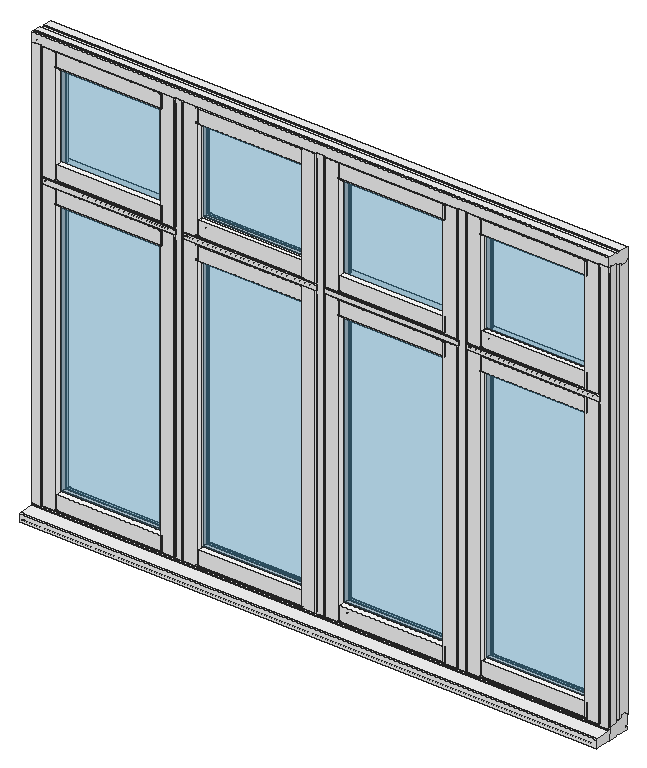
Revit family "C44", category Generic Models, Revit 2012
Parameters (values of type "Window Sill drawing")
  Width = 2358 mm
  Height = 1770 mm
  GlazingPanelMaterial = Glass
  Floor Material = White
Reference planes
  plane 1 "Center (Front/Back)": y = 0
  plane 2: z = 0
  plane 3 "Center (Left/Right)": x = 0
  plane 4: z = 33
  plane 5: x = -1328
  plane 6: x = -149
  plane 7: x = 1030
  plane 8: y = 67
  plane 9: y = -67
  plane 10: z = 1770
  plane 11: z = 117
  plane 12: x = 414
  plane 13: x = 402
  plane 14: z = 60
  plane 15: y = 16.985
  plane 16: z = 1734
  plane 17: z = 1730
  plane 18: x = -1292
  plane 19: x = -1288
  plane 20: x = -132
  plane 21: x = -136
  plane 22: x = -168
  plane 23: x = -164
  plane 24: x = -710
  plane 25: x = -714
  plane 26: z = 1255.81
  plane 27: z = 1251.81
  plane 28: z = 1228.81
  plane 29: z = 1224.81
  plane 30: x = 409.987
  plane 31: x = 994
  plane 32: x = 990
Forms (mm)
  Extrusion 1, solid, not visible
    sketch origin (0, 0, 9.375) x (0, 1, 0) y (0, 0, 1)
      loop
        line (94.662, 311.911) -> (94.314, 312.868) -> (95.314, 312.868) -> (93.454, 317.977) -> (86.115, 317.977) -> (85.011, 317.575) -> (64.143, 317.575) -> (64.143, 311.911) -> (94.662, 311.911)
    from 0 to 250
  Extrusion 2, solid, not visible
    sketch origin (0, 0, 9.375) x (0, 1, 0) y (0, 0, 1)
      loop
        line (93.688, 317.334) -> (85.92, 317.334) -> (87.101, 312.926) -> (95.293, 312.926) -> (93.688, 317.334)
      loop
        line (91.853, 322.376) -> (91.853, 328.194)
        arc (91.853, 328.194) -> (91.424, 329.231) -> (90.388, 329.66) r 1.465
        line (90.388, 329.66) -> (71.853, 329.66) -> (71.853, 322.376) -> (91.853, 322.376)
      loop
        line (73.373, 320.598) -> (64.143, 320.598) -> (64.143, 317.575) -> (73.373, 317.575) -> (73.373, 320.598)
      loop
        line (61.169, 311.884) -> (61.169, 316.884) -> (56.169, 316.884)
        arc (56.169, 316.884) -> (53.926, 317.813) -> (52.996, 320.057) r 3.173
        line (52.996, 320.057) -> (52.996, 327.594)
        arc (52.996, 327.594) -> (53.247, 329.284) -> (54.656, 330.25) r 2.138
        line (54.656, 330.25) -> (56.493, 330.25)
        arc (56.493, 330.25) -> (57.939, 329.727) -> (58.925, 328.548) r 2.95
        line (58.925, 328.548) -> (59.306, 324.922) -> (61.24, 324.922) -> (60.612, 330.901)
        arc (60.612, 330.901) -> (59.723, 332.646) -> (57.894, 333.348) r 2.733
        line (57.894, 333.348) -> (52.423, 333.348)
        arc (52.423, 333.348) -> (50.164, 330.795) -> (49.999, 327.391) r 5.139
        line (49.999, 327.391) -> (47.957, 316.884)
        arc (47.957, 316.884) -> (49.179, 314.507) -> (49.698, 311.884) r 9.583
        line (49.698, 311.884) -> (61.169, 311.884)
    from 0 to 250
  Extrusion 3, solid, not visible
    sketch origin (-848.022, -244.537, 0) x (1, 0, 0) y (0, 1, 0)
      loop
        line (-156.504, 643.402) -> (-146.504, 653.402) -> (-146.504, 655.402) -> (-162.504, 655.402) -> (-162.504, 703.402) -> (-199.504, 703.402)
        arc (-199.504, 703.402) -> (-201.625, 702.524) -> (-202.504, 700.402) r 3
        line (-202.504, 700.402) -> (-202.504, 695.402) -> (-196.504, 695.402) -> (-196.504, 692.402) -> (-202.504, 692.402) -> (-202.504, 679.402) -> (-196.504, 679.402) -> (-196.504, 667.402) -> (-202.504, 667.402) -> (-202.504, 646.402)
        arc (-202.504, 646.402) -> (-201.625, 644.281) -> (-199.504, 643.402) r 3
        line (-199.504, 643.402) -> (-156.504, 643.402)
    from 672 to 1294
  Extrusion 4, solid, not visible
    sketch origin (-848.022, -244.537, 0) x (1, 0, 0) y (0, 1, 0)
      loop
        line (-162.504, 700.402) -> (-162.504, 681.402) -> (-150.504, 681.402) -> (-150.504, 684.402) -> (-146.504, 685.402) -> (-146.504, 689.402) -> (-149.504, 689.402)
        arc (-149.504, 689.402) -> (-151.847, 695.059) -> (-157.504, 697.402) r 8
        line (-157.504, 697.402) -> (-157.504, 700.402) -> (-162.504, 700.402)
    from 672 to 1294
  Extrusion 5, solid, not visible
    sketch origin (-511.418, -643.152, -230) x (1, 0, 0) y (0, 1, 0)
      loop
        line (-200.504, 641.902) -> (-200.504, 638.902) -> (-198.254, 638.902) -> (-198.254, 634.902) -> (-195.818, 634.902) -> (-195.818, 638.902) -> (-193.504, 638.902) -> (-193.504, 641.902) -> (-195.282, 641.902) -> (-195.282, 641.116) -> (-194.482, 641.116) -> (-194.482, 639.814) -> (-199.81, 639.814) -> (-199.81, 641.116) -> (-199.01, 641.116) -> (-199.01, 641.902) -> (-200.504, 641.902)
    from 230 to 852
  Extrusion 6, solid, not visible
    sketch origin (-511.418, -643.152, -140) x (1, 0, 0) y (0, 1, 0)
      loop
        line (-194.482, 639.814) -> (-194.482, 641.116) -> (-199.81, 641.116) -> (-199.81, 639.814) -> (-194.482, 639.814)
    from 140 to 762
  Extrusion 7, solid, not visible
    sketch origin (-511.418, -643.152, 0) x (1, 0, 0) y (0, 1, 0)
      loop
        spline (-199.847, 645.779) -> (-199.478, 645.505) -> (-199.241, 645.183) -> (-199.108, 644.823) -> (-199.048, 644.431) -> (-199.033, 644.016) -> (-199.035, 643.585) -> (-199.023, 643.147) -> (-198.97, 642.709) -> (-198.847, 642.279) -> (-198.624, 641.865) -> (-198.272, 641.475) -> (-197.764, 641.116)
        line (-197.764, 641.116) -> (-196.529, 641.116)
        spline (-196.529, 641.116) -> (-195.991, 641.457) -> (-195.612, 641.839) -> (-195.363, 642.251) -> (-195.215, 642.684) -> (-195.139, 643.129) -> (-195.106, 643.577) -> (-195.086, 644.017) -> (-195.05, 644.441) -> (-194.969, 644.838) -> (-194.814, 645.2) -> (-194.556, 645.517) -> (-194.166, 645.779)
        line (-194.166, 645.779) -> (-199.847, 645.779)
    from 0 to 622
  Extrusion 8, solid, material "White" <- "Floor Material"
    sketch origin (0, -3440.583, 266.929) x (0, 1, 0) y (0, 0, 1)
      loop
        line (3451.083, 1455.128) -> (3435.083, 1455.128)
        arc (3435.083, 1455.128) -> (3433.669, 1454.542) -> (3433.083, 1453.128) r 2
        line (3433.083, 1453.128) -> (3415.083, 1453.128)
        arc (3415.083, 1453.128) -> (3414.498, 1454.542) -> (3413.083, 1455.128) r 2
        line (3413.083, 1455.128) -> (3402.083, 1455.128) -> (3402.083, 1460.128)
        arc (3402.083, 1460.128) -> (3401.205, 1462.249) -> (3399.083, 1463.128) r 3
        line (3399.083, 1463.128) -> (3397.083, 1463.128)
        arc (3397.083, 1463.128) -> (3394.962, 1462.249) -> (3394.083, 1460.128) r 3
        line (3394.083, 1460.128) -> (3394.083, 1405.128) -> (3404.083, 1395.128) -> (3406.083, 1395.128) -> (3406.083, 1411.128) -> (3454.083, 1411.128) -> (3454.083, 1452.128)
        arc (3454.083, 1452.128) -> (3453.205, 1454.249) -> (3451.083, 1455.128) r 3
    from -657.987 to -219.993
  Sweep 9, solid, material "White" <- "Floor Material"
    path origin (16.12, -8, -4.107) x (1, 0, 0) y (0, 0, 1)
      loop
        line (-674, 1682.007) -> (-674, 1316.11) -> (-236.22, 1316.11) -> (-236.22, 1682.007) -> (-674, 1682.007)
    profile origin (-438.99, -8, 1677.9) x (0, 0, 1) y (0, -1, 0)
      loop
        line (-4.893, -19) -> (0.107, -19) -> (0.107, 0) -> (-11.893, 0) -> (-11.893, -3) -> (-15.893, -4) -> (-15.893, -8) -> (-12.893, -8)
        arc (-12.893, -8) -> (-10.55, -13.657) -> (-4.893, -16) r 8
        line (-4.893, -16) -> (-4.893, -19)
  Extrusion 10, solid, material "Glass"
    sketch origin (2388.494, -1584.07, 280) x (1, 0, 0) y (0, 1, 0)
      loop
        line (-3042.481, 1575.085) -> (-3042.481, 1571.085) -> (-2613.487, 1571.085) -> (-2613.487, 1575.085) -> (-3042.481, 1575.085)
      loop
        line (-3042.481, 1555.085) -> (-3042.481, 1551.085) -> (-2613.487, 1551.085) -> (-2613.487, 1555.085) -> (-3042.481, 1555.085)
    from 1035.803 to 1393.007
  Sweep 11, solid
    path origin (16.013, -20.977, 276) x (1, 0, 0) y (0, 0, 1)
      loop
        line (-670, 1398.057) -> (-670, 1039.803) -> (-240.013, 1039.803) -> (-240.013, 1398.057) -> (-670, 1398.057)
    profile origin (-438.993, -20.977, 1674.057) x (0, 0, 1) y (0, -1, 0)
      loop
        line (0, -8) -> (0, 8) -> (-10, 8) -> (-10, -8) -> (0, -8)
  Extrusion 12, solid, material "White" <- "Floor Material"
    sketch origin (0, -3500.599, -3.128) x (0, 1, 0) y (0, 0, 1)
      loop
        line (3457.583, 41.128) -> (3452.583, 41.128) -> (3395.213, 37.105)
        arc (3395.213, 37.105) -> (3393.335, 36.114) -> (3392.583, 34.128) r 3
        line (3392.583, 34.128) -> (3392.583, 3.128) -> (3397.583, 3.128) -> (3397.583, 5.128)
        arc (3397.583, 5.128) -> (3400.583, 8.128) -> (3403.583, 5.128) r 3
        line (3403.583, 5.128) -> (3403.583, 3.128) -> (3452.583, 3.128) -> (3452.583, 26.128) -> (3457.583, 26.128) -> (3457.583, 41.128)
    from -1328 to 1030
  Extrusion 13, solid, material "White" <- "Floor Material"
    sketch origin (0, -3500.599, -3.128) x (0, 1, 0) y (0, 0, 1)
      loop
        line (3546.583, 58.128) -> (3543.583, 58.128)
        arc (3543.583, 58.128) -> (3540.655, 65.199) -> (3533.583, 68.128) r 10
        line (3533.583, 68.128) -> (3533.583, 71.128) -> (3517.583, 71.128) -> (3517.583, 63.128) -> (3523.583, 63.128) -> (3523.583, 60.128) -> (3517.583, 60.128) -> (3517.583, 59.128) -> (3494.583, 56.128) -> (3494.583, 51.128) -> (3454.583, 46.128)
        arc (3454.583, 46.128) -> (3453.169, 45.542) -> (3452.583, 44.128) r 2
        line (3452.583, 44.128) -> (3452.583, 41.128) -> (3457.583, 41.128) -> (3457.583, 26.128) -> (3452.583, 26.128) -> (3452.583, 3.128) -> (3457.583, 3.128) -> (3457.583, 5.128)
        arc (3457.583, 5.128) -> (3460.583, 8.128) -> (3463.583, 5.128) r 3
        line (3463.583, 5.128) -> (3463.583, 3.128) -> (3489.583, 3.128) -> (3489.583, 8.128) -> (3509.583, 8.128) -> (3509.583, 3.128) -> (3546.583, 3.128) -> (3546.583, 13.128) -> (3536.583, 13.128) -> (3536.583, 23.128) -> (3546.583, 23.128) -> (3546.583, 58.128)
    from -1328 to 1030
  Sweep 14, solid, material "White" <- "Floor Material"
    path origin (0, 0, 0) x (1, 0, 0) y (0, 0, 1)
      loop
        line (-1328, 1770) -> (1030, 1770)
    profile origin (-149, 0, 1770) x (0, 0, 1) y (0, -1, 0)
      loop
        line (0, -10) -> (-5, -10) -> (-5, 10) -> (0, 10) -> (0, 36) -> (-2, 36)
        arc (-2, 36) -> (-5, 39) -> (-2, 42) r 3
        line (-2, 42) -> (0, 42) -> (0, 47) -> (-36, 47) -> (-36, 43)
        arc (-36, 43) -> (-34.834, 41.499) -> (-33, 41) r 3
        line (-33, 41) -> (-33, 34.079)
        arc (-33, 34.079) -> (-34.922, 33.441) -> (-36, 31.727) r 3
        line (-36, 31.727) -> (-36, 7) -> (-44, 7) -> (-44, -1) -> (-36, -1) -> (-36, -4) -> (-44, -4) -> (-44, -14) -> (-36, -14) -> (-36, -18) -> (-56, -18) -> (-56, -34) -> (-53, -34)
        arc (-53, -34) -> (-50.071, -41.071) -> (-43, -44) r 10
        line (-43, -44) -> (-43, -47) -> (0, -47) -> (0, -10)
  Extrusion 15, solid, material "White" <- "Floor Material"
    sketch origin (753.141, -3440.699, 1654.007) x (0, 1, 0) y (-1, 0, 0)
      loop
        line (3451.083, 1455.128) -> (3435.083, 1455.128)
        arc (3435.083, 1455.128) -> (3433.669, 1454.542) -> (3433.083, 1453.128) r 2
        line (3433.083, 1453.128) -> (3415.083, 1453.128)
        arc (3415.083, 1453.128) -> (3414.498, 1454.542) -> (3413.083, 1455.128) r 2
        line (3413.083, 1455.128) -> (3402.083, 1455.128) -> (3402.083, 1460.128)
        arc (3402.083, 1460.128) -> (3401.205, 1462.249) -> (3399.083, 1463.128) r 3
        line (3399.083, 1463.128) -> (3397.083, 1463.128)
        arc (3397.083, 1463.128) -> (3394.962, 1462.249) -> (3394.083, 1460.128) r 3
        line (3394.083, 1460.128) -> (3394.083, 1405.128) -> (3404.083, 1395.128) -> (3406.083, 1395.128) -> (3406.083, 1411.128) -> (3454.083, 1411.128) -> (3454.083, 1452.128)
        arc (3454.083, 1452.128) -> (3453.205, 1454.249) -> (3451.083, 1455.128) r 3
    from -398.197 to 76.051
  Extrusion 16, solid, material "White" <- "Floor Material"
    sketch origin (-1521.128, -3440.699, 1654.007) x (0, 1, 0) y (-1, 0, 0)
      loop
        arc (3451.083, -1345.128) -> (3453.205, -1344.249) -> (3454.083, -1342.128) r 3
        line (3454.083, -1342.128) -> (3454.083, -1301.128) -> (3406.083, -1301.128) -> (3406.083, -1285.128) -> (3404.083, -1285.128) -> (3394.083, -1295.128) -> (3394.083, -1350.128)
        arc (3394.083, -1350.128) -> (3394.962, -1352.249) -> (3397.083, -1353.128) r 3
        line (3397.083, -1353.128) -> (3399.083, -1353.128)
        arc (3399.083, -1353.128) -> (3401.205, -1352.249) -> (3402.083, -1350.128) r 3
        line (3402.083, -1350.128) -> (3402.083, -1345.128) -> (3413.083, -1345.128)
        arc (3413.083, -1345.128) -> (3414.498, -1344.542) -> (3415.083, -1343.128) r 2
        line (3415.083, -1343.128) -> (3433.083, -1343.128)
        arc (3433.083, -1343.128) -> (3433.669, -1344.542) -> (3435.083, -1345.128) r 2
        line (3435.083, -1345.128) -> (3451.083, -1345.128)
    from -398.197 to 76.051
  Extrusion 17, solid, material "White" <- "Floor Material"
    sketch origin (-14.349, -3440.583, 2722.931) x (0, 1, 0) y (0, 0, 1)
      loop
        arc (3451.083, -1455.128) -> (3453.205, -1454.249) -> (3454.083, -1452.128) r 3
        line (3454.083, -1452.128) -> (3454.083, -1411.128) -> (3406.083, -1411.128) -> (3406.083, -1395.128) -> (3404.083, -1395.128) -> (3394.083, -1405.128) -> (3394.083, -1464.121)
        arc (3394.083, -1464.121) -> (3394.962, -1466.243) -> (3397.083, -1467.121) r 3
        line (3397.083, -1467.121) -> (3399.083, -1467.121)
        arc (3399.083, -1467.121) -> (3401.205, -1466.243) -> (3402.083, -1464.121) r 3
        line (3402.083, -1464.121) -> (3402.083, -1455.128) -> (3413.083, -1455.128)
        arc (3413.083, -1455.128) -> (3414.498, -1454.542) -> (3415.083, -1453.128) r 2
        line (3415.083, -1453.128) -> (3433.083, -1453.128)
        arc (3433.083, -1453.128) -> (3433.669, -1454.542) -> (3435.083, -1455.128) r 2
        line (3435.083, -1455.128) -> (3451.083, -1455.128)
    from -643.638 to -205.644
  Extrusion 18, solid, material "White" <- "Floor Material"
    sketch origin (-1476.128, -3440.699, 1654.007) x (0, 1, 0) y (-1, 0, 0)
      loop
        line (3397.083, -1312.128) -> (3393.083, -1312.128) -> (3393.083, -1340.128) -> (3397.083, -1340.128)
        arc (3397.083, -1340.128) -> (3398.498, -1339.542) -> (3399.083, -1338.128) r 2
        line (3399.083, -1338.128) -> (3399.083, -1337.128) -> (3406.083, -1337.128) -> (3406.083, -1338.128)
        arc (3406.083, -1338.128) -> (3406.669, -1339.542) -> (3408.083, -1340.128) r 2
        line (3408.083, -1340.128) -> (3433.083, -1340.128) -> (3433.083, -1346.128) -> (3441.083, -1346.128) -> (3441.083, -1340.128) -> (3444.083, -1340.128) -> (3444.083, -1348.128) -> (3454.083, -1348.128) -> (3454.083, -1340.128) -> (3458.083, -1340.128) -> (3458.083, -1360.128) -> (3474.083, -1360.128) -> (3474.083, -1357.128)
        arc (3474.083, -1357.128) -> (3481.155, -1354.199) -> (3484.083, -1347.128) r 10
        line (3484.083, -1347.128) -> (3487.083, -1347.128) -> (3487.083, -1305.128) -> (3484.083, -1305.128)
        arc (3484.083, -1305.128) -> (3481.155, -1298.057) -> (3474.083, -1295.128) r 10
        line (3474.083, -1295.128) -> (3474.083, -1292.128) -> (3458.083, -1292.128) -> (3458.083, -1312.128) -> (3454.083, -1312.128) -> (3454.083, -1304.128) -> (3444.083, -1304.128) -> (3444.083, -1312.128) -> (3441.083, -1312.128) -> (3441.083, -1306.128) -> (3433.083, -1306.128) -> (3433.083, -1312.128) -> (3408.083, -1312.128)
        arc (3408.083, -1312.128) -> (3406.669, -1312.714) -> (3406.083, -1314.128) r 2
        line (3406.083, -1314.128) -> (3406.083, -1315.128) -> (3399.083, -1315.128) -> (3399.083, -1314.128)
        arc (3399.083, -1314.128) -> (3398.498, -1312.714) -> (3397.083, -1312.128) r 2
    from -1606.007 to 79.993
  Extrusion 19, solid, material "White" <- "Floor Material"
    sketch origin (-300, -3440.583, 266.513) x (0, 1, 0) y (0, 0, -1)
      loop
        arc (3451.083, -1455.128) -> (3453.205, -1454.249) -> (3454.083, -1452.128) r 3
        line (3454.083, -1452.128) -> (3454.083, -1411.128) -> (3406.083, -1411.128) -> (3406.083, -1395.128) -> (3404.083, -1395.128) -> (3394.083, -1405.128) -> (3394.083, -1460.128)
        arc (3394.083, -1460.128) -> (3394.962, -1462.249) -> (3397.083, -1463.128) r 3
        line (3397.083, -1463.128) -> (3399.083, -1463.128)
        arc (3399.083, -1463.128) -> (3401.205, -1462.249) -> (3402.083, -1460.128) r 3
        line (3402.083, -1460.128) -> (3402.083, -1455.128) -> (3413.083, -1455.128)
        arc (3413.083, -1455.128) -> (3414.498, -1454.542) -> (3415.083, -1453.128) r 2
        line (3415.083, -1453.128) -> (3433.083, -1453.128)
        arc (3433.083, -1453.128) -> (3433.669, -1454.542) -> (3435.083, -1455.128) r 2
        line (3435.083, -1455.128) -> (3451.083, -1455.128)
    from -657.92 to -220.093
  Extrusion 20, solid, material "White" <- "Floor Material"
    sketch origin (-300, -3440.199, 1515.078) x (0, 1, 0) y (0, 0, -1)
      loop
        line (3451.083, 1455.128) -> (3435.083, 1455.128)
        arc (3435.083, 1455.128) -> (3433.669, 1454.542) -> (3433.083, 1453.128) r 2
        line (3433.083, 1453.128) -> (3415.083, 1453.128)
        arc (3415.083, 1453.128) -> (3414.498, 1454.542) -> (3413.083, 1455.128) r 2
        line (3413.083, 1455.128) -> (3402.083, 1455.128) -> (3402.083, 1464.078)
        arc (3402.083, 1464.078) -> (3401.205, 1466.2) -> (3399.083, 1467.078) r 3
        line (3399.083, 1467.078) -> (3397.083, 1467.078)
        arc (3397.083, 1467.078) -> (3394.962, 1466.2) -> (3394.083, 1464.078) r 3
        line (3394.083, 1464.078) -> (3394.083, 1405.128) -> (3404.083, 1395.128) -> (3406.083, 1395.128) -> (3406.083, 1411.128) -> (3454.083, 1411.128) -> (3454.083, 1452.128)
        arc (3454.083, 1452.128) -> (3453.205, 1454.249) -> (3451.083, 1455.128) r 3
    from -657.92 to -220.093
  Extrusion 21, solid, material "White" <- "Floor Material"
    sketch origin (0, -3440.583, 1515.128) x (0, 1, 0) y (0, 0, 1)
      loop
        arc (3451.083, -1455.128) -> (3453.205, -1454.249) -> (3454.083, -1452.128) r 3
        line (3454.083, -1452.128) -> (3454.083, -1411.128) -> (3406.083, -1411.128) -> (3406.083, -1395.128) -> (3404.083, -1395.128) -> (3394.083, -1405.128) -> (3394.083, -1464.128)
        arc (3394.083, -1464.128) -> (3394.962, -1466.249) -> (3397.083, -1467.128) r 3
        line (3397.083, -1467.128) -> (3399.083, -1467.128)
        arc (3399.083, -1467.128) -> (3401.205, -1466.249) -> (3402.083, -1464.128) r 3
        line (3402.083, -1464.128) -> (3402.083, -1455.128) -> (3413.083, -1455.128)
        arc (3413.083, -1455.128) -> (3414.498, -1454.542) -> (3415.083, -1453.128) r 2
        line (3415.083, -1453.128) -> (3433.083, -1453.128)
        arc (3433.083, -1453.128) -> (3433.669, -1454.542) -> (3435.083, -1455.128) r 2
        line (3435.083, -1455.128) -> (3451.083, -1455.128)
    from -657.987 to -219.993
  Extrusion 22, solid, material "White" <- "Floor Material"
    sketch origin (-2125.852, -3440.699, -191.1) x (0, 1, 0) y (0, 0, -1)
      loop
        line (3397.083, -1421.91) -> (3393.083, -1421.91) -> (3393.083, -1441.91) -> (3393.083, -1442.91)
        arc (3393.083, -1442.91) -> (3393.669, -1444.325) -> (3395.083, -1444.91) r 2
        line (3395.083, -1444.91) -> (3435.083, -1450.128) -> (3435.083, -1455.128) -> (3458.083, -1458.128) -> (3458.083, -1459.128) -> (3464.083, -1459.128) -> (3464.083, -1462.128) -> (3458.083, -1462.128) -> (3458.083, -1470.128) -> (3474.083, -1470.128) -> (3474.083, -1467.128)
        arc (3474.083, -1467.128) -> (3481.155, -1464.199) -> (3484.083, -1457.128) r 10
        line (3484.083, -1457.128) -> (3487.083, -1457.128) -> (3487.083, -1415.128) -> (3484.083, -1415.128)
        arc (3484.083, -1415.128) -> (3481.155, -1408.057) -> (3474.083, -1405.128) r 10
        line (3474.083, -1405.128) -> (3474.083, -1402.128) -> (3458.083, -1402.128) -> (3458.083, -1422.128) -> (3454.083, -1422.128) -> (3454.083, -1413.91) -> (3444.083, -1413.91) -> (3444.083, -1421.91) -> (3441.083, -1421.91) -> (3441.083, -1415.91) -> (3433.083, -1415.91) -> (3433.083, -1421.91) -> (3408.083, -1421.91)
        arc (3408.083, -1421.91) -> (3406.669, -1422.496) -> (3406.083, -1423.91) r 2
        line (3406.083, -1423.91) -> (3406.083, -1424.91) -> (3399.083, -1424.91) -> (3399.083, -1423.91)
        arc (3399.083, -1423.91) -> (3398.498, -1422.496) -> (3397.083, -1421.91) r 2
    from -1961.852 to -1411.852
  Extrusion 23, solid, material "White" <- "Floor Material"
    sketch origin (-31.073, -3440.583, -234.318) x (0, 1, 0) y (0, 0, 1)
      loop
        line (3451.083, 1455.128) -> (3435.083, 1455.128)
        arc (3435.083, 1455.128) -> (3433.669, 1454.542) -> (3433.083, 1453.128) r 2
        line (3433.083, 1453.128) -> (3415.083, 1453.128)
        arc (3415.083, 1453.128) -> (3414.498, 1454.542) -> (3413.083, 1455.128) r 2
        line (3413.083, 1455.128) -> (3402.083, 1455.128) -> (3402.083, 1460.128)
        arc (3402.083, 1460.128) -> (3401.205, 1462.249) -> (3399.083, 1463.128) r 3
        line (3399.083, 1463.128) -> (3397.083, 1463.128)
        arc (3397.083, 1463.128) -> (3394.962, 1462.249) -> (3394.083, 1460.128) r 3
        line (3394.083, 1460.128) -> (3394.083, 1405.128) -> (3404.083, 1395.128) -> (3406.083, 1395.128) -> (3406.083, 1411.128) -> (3454.083, 1411.128) -> (3454.083, 1452.128)
        arc (3454.083, 1452.128) -> (3453.205, 1454.249) -> (3451.083, 1455.128) r 3
    from -626.914 to -188.92
  Sweep 24, solid, material "White" <- "Floor Material"
    path origin (16.12, -8, -514.094) x (1, 0, 0) y (0, 0, 1)
      loop
        line (-674, 1690.904) -> (-674, 618.194) -> (-236.22, 618.194) -> (-236.22, 1690.904) -> (-674, 1690.904)
    profile origin (-438.99, -8, 1176.81) x (0, 0, 1) y (0, -1, 0)
      loop
        line (-4.893, -19) -> (0.107, -19) -> (0.107, 0) -> (-11.893, 0) -> (-11.893, -3) -> (-15.893, -4) -> (-15.893, -8) -> (-12.893, -8)
        arc (-12.893, -8) -> (-10.55, -13.657) -> (-4.893, -16) r 8
        line (-4.893, -16) -> (-4.893, -19)
  Extrusion 25, solid, material "White" <- "Floor Material"
    sketch origin (753.141, -3440.699, 1144.02) x (0, 1, 0) y (-1, 0, 0)
      loop
        line (3451.083, 1455.128) -> (3435.083, 1455.128)
        arc (3435.083, 1455.128) -> (3433.669, 1454.542) -> (3433.083, 1453.128) r 2
        line (3433.083, 1453.128) -> (3415.083, 1453.128)
        arc (3415.083, 1453.128) -> (3414.498, 1454.542) -> (3413.083, 1455.128) r 2
        line (3413.083, 1455.128) -> (3402.083, 1455.128) -> (3402.083, 1460.128)
        arc (3402.083, 1460.128) -> (3401.205, 1462.249) -> (3399.083, 1463.128) r 3
        line (3399.083, 1463.128) -> (3397.083, 1463.128)
        arc (3397.083, 1463.128) -> (3394.962, 1462.249) -> (3394.083, 1460.128) r 3
        line (3394.083, 1460.128) -> (3394.083, 1405.128) -> (3404.083, 1395.128) -> (3406.083, 1395.128) -> (3406.083, 1411.128) -> (3454.083, 1411.128) -> (3454.083, 1452.128)
        arc (3454.083, 1452.128) -> (3453.205, 1454.249) -> (3451.083, 1455.128) r 3
    from -1096.143 to 84.79
  Extrusion 26, solid, material "White" <- "Floor Material"
    sketch origin (-1521.128, -3440.699, 1144.02) x (0, 1, 0) y (-1, 0, 0)
      loop
        arc (3451.083, -1345.128) -> (3453.205, -1344.249) -> (3454.083, -1342.128) r 3
        line (3454.083, -1342.128) -> (3454.083, -1301.128) -> (3406.083, -1301.128) -> (3406.083, -1285.128) -> (3404.083, -1285.128) -> (3394.083, -1295.128) -> (3394.083, -1350.128)
        arc (3394.083, -1350.128) -> (3394.962, -1352.249) -> (3397.083, -1353.128) r 3
        line (3397.083, -1353.128) -> (3399.083, -1353.128)
        arc (3399.083, -1353.128) -> (3401.205, -1352.249) -> (3402.083, -1350.128) r 3
        line (3402.083, -1350.128) -> (3402.083, -1345.128) -> (3413.083, -1345.128)
        arc (3413.083, -1345.128) -> (3414.498, -1344.542) -> (3415.083, -1343.128) r 2
        line (3415.083, -1343.128) -> (3433.083, -1343.128)
        arc (3433.083, -1343.128) -> (3433.669, -1344.542) -> (3435.083, -1345.128) r 2
        line (3435.083, -1345.128) -> (3451.083, -1345.128)
    from -1096.02 to 84.79
  Extrusion 27, solid, material "Glass"
    sketch origin (2388.494, -1584.07, -509.987) x (1, 0, 0) y (0, 1, 0)
      loop
        line (-3042.481, 1575.085) -> (-3042.481, 1571.085) -> (-2608.487, 1571.085) -> (-2608.487, 1575.085) -> (-3042.481, 1575.085)
      loop
        line (-3042.481, 1555.085) -> (-3042.481, 1551.085) -> (-2608.487, 1551.085) -> (-2608.487, 1555.085) -> (-3042.481, 1555.085)
    from 617.987 to 1680.797
  Sweep 28, solid
    path origin (16.013, -20.977, -513.987) x (1, 0, 0) y (0, 0, 1)
      loop
        line (-670, 1685.021) -> (-670, 621.987) -> (-240.006, 621.987) -> (-240.006, 1685.021) -> (-670, 1685.021)
    profile origin (-438.99, -20.977, 1171.034) x (0, 0, 1) y (0, -1, 0)
      loop
        line (0, -8) -> (0, 8) -> (-10, 8) -> (-10, -8) -> (0, -8)
  Sweep 29, solid, material "White" <- "Floor Material"
    path origin (593.813, -8, -514.094) x (1, 0, 0) y (0, 0, 1)
      loop
        line (-673.613, 2191.534) -> (-673.613, 618.194) -> (-236, 618.194) -> (-236, 2191.534) -> (-673.613, 2191.534)
    profile origin (139.007, -8, 1677.441) x (0, 0, 1) y (0, -1, 0)
      loop
        line (-4.893, -19) -> (0.107, -19) -> (0.107, 0) -> (-11.893, 0) -> (-11.893, -3) -> (-15.893, -4) -> (-15.893, -8) -> (-12.893, -8)
        arc (-12.893, -8) -> (-10.55, -13.657) -> (-4.893, -16) r 8
        line (-4.893, -16) -> (-4.893, -19)
  Extrusion 30, solid, material "Glass"
    sketch origin (2966.187, -1584.07, -509.987) x (1, 0, 0) y (0, 1, 0)
      loop
        line (-3041.094, 1575.085) -> (-3041.094, 1571.085) -> (-2612.267, 1571.085) -> (-2612.267, 1575.085) -> (-3041.094, 1575.085)
      loop
        line (-3041.96, 1555.085) -> (-3041.96, 1551.085) -> (-2612.267, 1551.085) -> (-2612.267, 1555.085) -> (-3041.96, 1555.085)
    from 617.987 to 2182.534
  Sweep 31, solid
    path origin (593.706, -20.977, -513.987) x (1, 0, 0) y (0, 0, 1)
      loop
        line (-669.479, 2187.987) -> (-669.479, 621.987) -> (-239.786, 621.987) -> (-239.786, 2187.987) -> (-669.479, 2187.987)
    profile origin (139.074, -20.977, 1674) x (0, 0, 1) y (0, -1, 0)
      loop
        line (0, -8) -> (0, 8) -> (-10, 8) -> (-10, -8) -> (0, -8)
  Extrusion 32, solid, material "White" <- "Floor Material"
    sketch origin (-578, -3440.583, 266.929) x (0, 1, 0) y (0, 0, 1)
      loop
        line (3451.083, 1455.128) -> (3435.083, 1455.128)
        arc (3435.083, 1455.128) -> (3433.669, 1454.542) -> (3433.083, 1453.128) r 2
        line (3433.083, 1453.128) -> (3415.083, 1453.128)
        arc (3415.083, 1453.128) -> (3414.498, 1454.542) -> (3413.083, 1455.128) r 2
        line (3413.083, 1455.128) -> (3402.083, 1455.128) -> (3402.083, 1460.128)
        arc (3402.083, 1460.128) -> (3401.205, 1462.249) -> (3399.083, 1463.128) r 3
        line (3399.083, 1463.128) -> (3397.083, 1463.128)
        arc (3397.083, 1463.128) -> (3394.962, 1462.249) -> (3394.083, 1460.128) r 3
        line (3394.083, 1460.128) -> (3394.083, 1405.128) -> (3404.083, 1395.128) -> (3406.083, 1395.128) -> (3406.083, 1411.128) -> (3454.083, 1411.128) -> (3454.083, 1452.128)
        arc (3454.083, 1452.128) -> (3453.205, 1454.249) -> (3451.083, 1455.128) r 3
    from -657.987 to -219.993
  Sweep 33, solid, material "White" <- "Floor Material"
    path origin (-561.88, -8, -4.107) x (1, 0, 0) y (0, 0, 1)
      loop
        line (-674, 1682.007) -> (-674, 108.207) -> (-236.22, 108.207) -> (-236.22, 1682.007) -> (-674, 1682.007)
    profile origin (-1016.99, -8, 1677.9) x (0, 0, 1) y (0, -1, 0)
      loop
        line (-4.893, -19) -> (0.107, -19) -> (0.107, 0) -> (-11.893, 0) -> (-11.893, -3) -> (-15.893, -4) -> (-15.893, -8) -> (-12.893, -8)
        arc (-12.893, -8) -> (-10.55, -13.657) -> (-4.893, -16) r 8
        line (-4.893, -16) -> (-4.893, -19)
  Extrusion 34, solid, material "Glass"
    sketch origin (1810.494, -1584.07, 280) x (1, 0, 0) y (0, 1, 0)
      loop
        line (-3042.481, 1575.085) -> (-3042.481, 1571.085) -> (-2613.487, 1571.085) -> (-2613.487, 1575.085) -> (-3042.481, 1575.085)
      loop
        line (-3042.481, 1555.085) -> (-3042.481, 1551.085) -> (-2613.487, 1551.085) -> (-2613.487, 1555.085) -> (-3042.481, 1555.085)
    from -172.007 to 1393.007
  Sweep 35, solid
    path origin (-561.987, -20.977, 276) x (1, 0, 0) y (0, 0, 1)
      loop
        line (-670, 1398.057) -> (-670, -168.007) -> (-240.013, -168.007) -> (-240.013, 1398.057) -> (-670, 1398.057)
    profile origin (-1016.993, -20.977, 1674.057) x (0, 0, 1) y (0, -1, 0)
      loop
        line (0, -8) -> (0, 8) -> (-10, 8) -> (-10, -8) -> (0, -8)
  Extrusion 36, solid, material "White" <- "Floor Material"
    sketch origin (-2054.128, -3440.699, 1654.007) x (0, 1, 0) y (-1, 0, 0)
      loop
        line (3397.083, -1312.128) -> (3393.083, -1312.128) -> (3393.083, -1340.128) -> (3397.083, -1340.128)
        arc (3397.083, -1340.128) -> (3398.498, -1339.542) -> (3399.083, -1338.128) r 2
        line (3399.083, -1338.128) -> (3399.083, -1337.128) -> (3406.083, -1337.128) -> (3406.083, -1338.128)
        arc (3406.083, -1338.128) -> (3406.669, -1339.542) -> (3408.083, -1340.128) r 2
        line (3408.083, -1340.128) -> (3433.083, -1340.128) -> (3433.083, -1346.128) -> (3441.083, -1346.128) -> (3441.083, -1340.128) -> (3444.083, -1340.128) -> (3444.083, -1348.128) -> (3454.083, -1348.128) -> (3454.083, -1340.128) -> (3458.083, -1340.128) -> (3458.083, -1360.128) -> (3474.083, -1360.128) -> (3474.083, -1357.128)
        arc (3474.083, -1357.128) -> (3481.155, -1354.199) -> (3484.083, -1347.128) r 10
        line (3484.083, -1347.128) -> (3487.083, -1347.128) -> (3487.083, -1305.128) -> (3484.083, -1305.128)
        arc (3484.083, -1305.128) -> (3481.155, -1298.057) -> (3474.083, -1295.128) r 10
        line (3474.083, -1295.128) -> (3474.083, -1292.128) -> (3458.083, -1292.128) -> (3458.083, -1312.128) -> (3454.083, -1312.128) -> (3454.083, -1304.128) -> (3444.083, -1304.128) -> (3444.083, -1312.128) -> (3441.083, -1312.128) -> (3441.083, -1306.128) -> (3433.083, -1306.128) -> (3433.083, -1312.128) -> (3408.083, -1312.128)
        arc (3408.083, -1312.128) -> (3406.669, -1312.714) -> (3406.083, -1314.128) r 2
        line (3406.083, -1314.128) -> (3406.083, -1315.128) -> (3399.083, -1315.128) -> (3399.083, -1314.128)
        arc (3399.083, -1314.128) -> (3398.498, -1312.714) -> (3397.083, -1312.128) r 2
    from -1606.007 to 79.993
  Extrusion 37, solid, material "White" <- "Floor Material"
    sketch origin (-578, -3440.583, 1515.128) x (0, 1, 0) y (0, 0, 1)
      loop
        arc (3451.083, -1455.128) -> (3453.205, -1454.249) -> (3454.083, -1452.128) r 3
        line (3454.083, -1452.128) -> (3454.083, -1411.128) -> (3406.083, -1411.128) -> (3406.083, -1395.128) -> (3404.083, -1395.128) -> (3394.083, -1405.128) -> (3394.083, -1464.128)
        arc (3394.083, -1464.128) -> (3394.962, -1466.249) -> (3397.083, -1467.128) r 3
        line (3397.083, -1467.128) -> (3399.083, -1467.128)
        arc (3399.083, -1467.128) -> (3401.205, -1466.249) -> (3402.083, -1464.128) r 3
        line (3402.083, -1464.128) -> (3402.083, -1455.128) -> (3413.083, -1455.128)
        arc (3413.083, -1455.128) -> (3414.498, -1454.542) -> (3415.083, -1453.128) r 2
        line (3415.083, -1453.128) -> (3433.083, -1453.128)
        arc (3433.083, -1453.128) -> (3433.669, -1454.542) -> (3435.083, -1455.128) r 2
        line (3435.083, -1455.128) -> (3451.083, -1455.128)
    from -657.987 to -219.993
  Sweep 38, solid, material "White" <- "Floor Material"
    path origin (442, 0, 406) x (0, 0, -1) y (1, 0, 0)
      loop
        line (-1328, -1770) -> (406, -1770)
    profile origin (-1328, 0, 867) x (0, -1, 0) y (1, 0, 0)
      loop
        line (-10, 0) -> (-10, 5) -> (10, 5) -> (10, 0) -> (36, 0) -> (36, 2)
        arc (36, 2) -> (39, 5) -> (42, 2) r 3
        line (42, 2) -> (42, 0) -> (47, 0) -> (47, 36) -> (43, 36)
        arc (43, 36) -> (41.499, 34.834) -> (41, 33) r 3
        line (41, 33) -> (34.079, 33)
        arc (34.079, 33) -> (33.441, 34.922) -> (31.727, 36) r 3
        line (31.727, 36) -> (7, 36) -> (7, 44) -> (-1, 44) -> (-1, 36) -> (-4, 36) -> (-4, 44) -> (-14, 44) -> (-14, 36) -> (-18, 36) -> (-18, 56) -> (-34, 56) -> (-34, 53)
        arc (-34, 53) -> (-41.071, 50.071) -> (-44, 43) r 10
        line (-44, 43) -> (-47, 43) -> (-47, 0) -> (-10, 0)
  Sweep 39, solid, material "White" <- "Floor Material"
    path origin (-1320, 0, 406) x (0, 0, -1) y (1, 0, 0)
      loop
        line (-1328, 2350) -> (406, 2350)
    profile origin (1030, 0, 867) x (0, -1, 0) y (1, 0, 0)
      loop
        line (-10, 0) -> (-47, 0) -> (-47, -43) -> (-44, -43)
        arc (-44, -43) -> (-41.071, -50.071) -> (-34, -53) r 10
        line (-34, -53) -> (-34, -56) -> (-18, -56) -> (-18, -36) -> (-14, -36) -> (-14, -44) -> (-4, -44) -> (-4, -36) -> (-1, -36) -> (-1, -44) -> (7, -44) -> (7, -36) -> (31.727, -36)
        arc (31.727, -36) -> (33.441, -34.922) -> (34.079, -33) r 3
        line (34.079, -33) -> (41, -33)
        arc (41, -33) -> (41.499, -34.834) -> (43, -36) r 3
        line (43, -36) -> (47, -36) -> (47, 0) -> (42, 0) -> (42, -2)
        arc (42, -2) -> (39, -5) -> (36, -2) r 3
        line (36, -2) -> (36, 0) -> (10, 0) -> (10, -5) -> (-10, -5) -> (-10, 0)
  Sweep 40, void
    path origin (0, 0, 0) x (1, 0, 0) y (0, 1, 0)
      loop
        line (-1328, -1.015) -> (1030, -1.015)
    profile origin (-149, -1.015, 0) x (0, 1, 0) y (0, 0, 1)
      loop
        line (47, 55) -> (44, 55)
        arc (44, 55) -> (41.071, 62.071) -> (34, 65) r 10
        line (34, 65) -> (34, 68) -> (18, 68) -> (18, 60) -> (24, 60) -> (24, 57) -> (18, 57) -> (18, 56) -> (-5, 53) -> (-5, 48) -> (-45, 43)
        arc (-45, 43) -> (-46.414, 42.414) -> (-47, 41) r 2
        line (-47, 41) -> (-47, 38) -> (-79.364, 33.978) -> (-104.37, 30.977) -> (-129.37, 27.977)
        arc (-129.37, 27.977) -> (-131.248, 26.986) -> (-132, 25) r 3
        line (-132, 25) -> (-132, -5) -> (58, -5) -> (58, 55) -> (47, 55)
  Extrusion 41, solid, material "White" <- "Floor Material"
    sketch origin (-1547.852, -3440.699, -191.1) x (0, 1, 0) y (0, 0, -1)
      loop
        line (3397.083, -1421.91) -> (3393.083, -1421.91) -> (3393.083, -1441.91) -> (3393.083, -1442.91)
        arc (3393.083, -1442.91) -> (3393.669, -1444.325) -> (3395.083, -1444.91) r 2
        line (3395.083, -1444.91) -> (3435.083, -1450.128) -> (3435.083, -1455.128) -> (3458.083, -1458.128) -> (3458.083, -1459.128) -> (3464.083, -1459.128) -> (3464.083, -1462.128) -> (3458.083, -1462.128) -> (3458.083, -1470.128) -> (3474.083, -1470.128) -> (3474.083, -1467.128)
        arc (3474.083, -1467.128) -> (3481.155, -1464.199) -> (3484.083, -1457.128) r 10
        line (3484.083, -1457.128) -> (3487.083, -1457.128) -> (3487.083, -1415.128) -> (3484.083, -1415.128)
        arc (3484.083, -1415.128) -> (3481.155, -1408.057) -> (3474.083, -1405.128) r 10
        line (3474.083, -1405.128) -> (3474.083, -1402.128) -> (3458.083, -1402.128) -> (3458.083, -1422.128) -> (3454.083, -1422.128) -> (3454.083, -1413.91) -> (3444.083, -1413.91) -> (3444.083, -1421.91) -> (3441.083, -1421.91) -> (3441.083, -1415.91) -> (3433.083, -1415.91) -> (3433.083, -1421.91) -> (3408.083, -1421.91)
        arc (3408.083, -1421.91) -> (3406.669, -1422.496) -> (3406.083, -1423.91) r 2
        line (3406.083, -1423.91) -> (3406.083, -1424.91) -> (3399.083, -1424.91) -> (3399.083, -1423.91)
        arc (3399.083, -1423.91) -> (3398.498, -1422.496) -> (3397.083, -1421.91) r 2
    from -1963.852 to -1411.852
  Extrusion 42, solid, material "White" <- "Floor Material"
    sketch origin (546.927, -3440.583, -234.318) x (0, 1, 0) y (0, 0, 1)
      loop
        line (3451.083, 1455.128) -> (3435.083, 1455.128)
        arc (3435.083, 1455.128) -> (3433.669, 1454.542) -> (3433.083, 1453.128) r 2
        line (3433.083, 1453.128) -> (3415.083, 1453.128)
        arc (3415.083, 1453.128) -> (3414.498, 1454.542) -> (3413.083, 1455.128) r 2
        line (3413.083, 1455.128) -> (3402.083, 1455.128) -> (3402.083, 1460.128)
        arc (3402.083, 1460.128) -> (3401.205, 1462.249) -> (3399.083, 1463.128) r 3
        line (3399.083, 1463.128) -> (3397.083, 1463.128)
        arc (3397.083, 1463.128) -> (3394.962, 1462.249) -> (3394.083, 1460.128) r 3
        line (3394.083, 1460.128) -> (3394.083, 1405.128) -> (3404.083, 1395.128) -> (3406.083, 1395.128) -> (3406.083, 1411.128) -> (3454.083, 1411.128) -> (3454.083, 1452.128)
        arc (3454.083, 1452.128) -> (3453.205, 1454.249) -> (3451.083, 1455.128) r 3
    from -626.834 to -189.007
  Extrusion 43, solid, material "White" <- "Floor Material"
    sketch origin (-2703.852, -3440.699, -191.1) x (0, 1, 0) y (0, 0, -1)
      loop
        line (3397.083, -1421.91) -> (3393.083, -1421.91) -> (3393.083, -1441.91) -> (3393.083, -1442.91)
        arc (3393.083, -1442.91) -> (3393.669, -1444.325) -> (3395.083, -1444.91) r 2
        line (3395.083, -1444.91) -> (3435.083, -1450.128) -> (3435.083, -1455.128) -> (3458.083, -1458.128) -> (3458.083, -1459.128) -> (3464.083, -1459.128) -> (3464.083, -1462.128) -> (3458.083, -1462.128) -> (3458.083, -1470.128) -> (3474.083, -1470.128) -> (3474.083, -1467.128)
        arc (3474.083, -1467.128) -> (3481.155, -1464.199) -> (3484.083, -1457.128) r 10
        line (3484.083, -1457.128) -> (3487.083, -1457.128) -> (3487.083, -1415.128) -> (3484.083, -1415.128)
        arc (3484.083, -1415.128) -> (3481.155, -1408.057) -> (3474.083, -1405.128) r 10
        line (3474.083, -1405.128) -> (3474.083, -1402.128) -> (3458.083, -1402.128) -> (3458.083, -1422.128) -> (3454.083, -1422.128) -> (3454.083, -1413.91) -> (3444.083, -1413.91) -> (3444.083, -1421.91) -> (3441.083, -1421.91) -> (3441.083, -1415.91) -> (3433.083, -1415.91) -> (3433.083, -1421.91) -> (3408.083, -1421.91)
        arc (3408.083, -1421.91) -> (3406.669, -1422.496) -> (3406.083, -1423.91) r 2
        line (3406.083, -1423.91) -> (3406.083, -1424.91) -> (3399.083, -1424.91) -> (3399.083, -1423.91)
        arc (3399.083, -1423.91) -> (3398.498, -1422.496) -> (3397.083, -1421.91) r 2
    from -1961.852 to -1411.852
  Extrusion 44, solid, material "White" <- "Floor Material"
    sketch origin (-609.073, -3440.583, -234.318) x (0, 1, 0) y (0, 0, 1)
      loop
        line (3451.083, 1455.128) -> (3435.083, 1455.128)
        arc (3435.083, 1455.128) -> (3433.669, 1454.542) -> (3433.083, 1453.128) r 2
        line (3433.083, 1453.128) -> (3415.083, 1453.128)
        arc (3415.083, 1453.128) -> (3414.498, 1454.542) -> (3413.083, 1455.128) r 2
        line (3413.083, 1455.128) -> (3402.083, 1455.128) -> (3402.083, 1460.128)
        arc (3402.083, 1460.128) -> (3401.205, 1462.249) -> (3399.083, 1463.128) r 3
        line (3399.083, 1463.128) -> (3397.083, 1463.128)
        arc (3397.083, 1463.128) -> (3394.962, 1462.249) -> (3394.083, 1460.128) r 3
        line (3394.083, 1460.128) -> (3394.083, 1405.128) -> (3404.083, 1395.128) -> (3406.083, 1395.128) -> (3406.083, 1411.128) -> (3454.083, 1411.128) -> (3454.083, 1452.128)
        arc (3454.083, 1452.128) -> (3453.205, 1454.249) -> (3451.083, 1455.128) r 3
    from -626.914 to -188.92
  Extrusion 45, solid, material "White" <- "Floor Material"
    sketch origin (-592.349, -3440.583, 2722.931) x (0, 1, 0) y (0, 0, 1)
      loop
        arc (3451.083, -1455.128) -> (3453.205, -1454.249) -> (3454.083, -1452.128) r 3
        line (3454.083, -1452.128) -> (3454.083, -1411.128) -> (3406.083, -1411.128) -> (3406.083, -1395.128) -> (3404.083, -1395.128) -> (3394.083, -1405.128) -> (3394.083, -1464.121)
        arc (3394.083, -1464.121) -> (3394.962, -1466.243) -> (3397.083, -1467.121) r 3
        line (3397.083, -1467.121) -> (3399.083, -1467.121)
        arc (3399.083, -1467.121) -> (3401.205, -1466.243) -> (3402.083, -1464.121) r 3
        line (3402.083, -1464.121) -> (3402.083, -1455.128) -> (3413.083, -1455.128)
        arc (3413.083, -1455.128) -> (3414.498, -1454.542) -> (3415.083, -1453.128) r 2
        line (3415.083, -1453.128) -> (3433.083, -1453.128)
        arc (3433.083, -1453.128) -> (3433.669, -1454.542) -> (3435.083, -1455.128) r 2
        line (3435.083, -1455.128) -> (3451.083, -1455.128)
    from -643.638 to -205.644
  Extrusion 46, solid, material "White" <- "Floor Material"
    sketch origin (563.638, -3440.583, 2722.931) x (0, 1, 0) y (0, 0, 1)
      loop
        arc (3451.083, -1455.128) -> (3453.205, -1454.249) -> (3454.083, -1452.128) r 3
        line (3454.083, -1452.128) -> (3454.083, -1411.128) -> (3406.083, -1411.128) -> (3406.083, -1395.128) -> (3404.083, -1395.128) -> (3394.083, -1405.128) -> (3394.083, -1464.121)
        arc (3394.083, -1464.121) -> (3394.962, -1466.243) -> (3397.083, -1467.121) r 3
        line (3397.083, -1467.121) -> (3399.083, -1467.121)
        arc (3399.083, -1467.121) -> (3401.205, -1466.243) -> (3402.083, -1464.121) r 3
        line (3402.083, -1464.121) -> (3402.083, -1455.128) -> (3413.083, -1455.128)
        arc (3413.083, -1455.128) -> (3414.498, -1454.542) -> (3415.083, -1453.128) r 2
        line (3415.083, -1453.128) -> (3433.083, -1453.128)
        arc (3433.083, -1453.128) -> (3433.669, -1454.542) -> (3435.083, -1455.128) r 2
        line (3435.083, -1455.128) -> (3451.083, -1455.128)
    from -643.545 to -205.718
  Extrusion 47, solid, material "White" <- "Floor Material"
    sketch origin (-943.141, -3440.699, 1654.007) x (0, 1, 0) y (-1, 0, 0)
      loop
        arc (3451.083, -1345.128) -> (3453.205, -1344.249) -> (3454.083, -1342.128) r 3
        line (3454.083, -1342.128) -> (3454.083, -1301.128) -> (3406.083, -1301.128) -> (3406.083, -1285.128) -> (3404.083, -1285.128) -> (3394.083, -1295.128) -> (3394.083, -1350.128)
        arc (3394.083, -1350.128) -> (3394.962, -1352.249) -> (3397.083, -1353.128) r 3
        line (3397.083, -1353.128) -> (3399.083, -1353.128)
        arc (3399.083, -1353.128) -> (3401.205, -1352.249) -> (3402.083, -1350.128) r 3
        line (3402.083, -1350.128) -> (3402.083, -1345.128) -> (3413.083, -1345.128)
        arc (3413.083, -1345.128) -> (3414.498, -1344.542) -> (3415.083, -1343.128) r 2
        line (3415.083, -1343.128) -> (3433.083, -1343.128)
        arc (3433.083, -1343.128) -> (3433.669, -1344.542) -> (3435.083, -1345.128) r 2
        line (3435.083, -1345.128) -> (3451.083, -1345.128)
    from -398.197 to 75.993
  Extrusion 48, solid, material "White" <- "Floor Material"
    sketch origin (-943.141, -3440.699, 1144.02) x (0, 1, 0) y (-1, 0, 0)
      loop
        arc (3451.083, -1345.128) -> (3453.205, -1344.249) -> (3454.083, -1342.128) r 3
        line (3454.083, -1342.128) -> (3454.083, -1301.128) -> (3406.083, -1301.128) -> (3406.083, -1285.128) -> (3404.083, -1285.128) -> (3394.083, -1295.128) -> (3394.083, -1350.128)
        arc (3394.083, -1350.128) -> (3394.962, -1352.249) -> (3397.083, -1353.128) r 3
        line (3397.083, -1353.128) -> (3399.083, -1353.128)
        arc (3399.083, -1353.128) -> (3401.205, -1352.249) -> (3402.083, -1350.128) r 3
        line (3402.083, -1350.128) -> (3402.083, -1345.128) -> (3413.083, -1345.128)
        arc (3413.083, -1345.128) -> (3414.498, -1344.542) -> (3415.083, -1343.128) r 2
        line (3415.083, -1343.128) -> (3433.083, -1343.128)
        arc (3433.083, -1343.128) -> (3433.669, -1344.542) -> (3435.083, -1345.128) r 2
        line (3435.083, -1345.128) -> (3451.083, -1345.128)
    from -1096.02 to 84.79
  Extrusion 49, solid, material "White" <- "Floor Material"
    sketch origin (1220.9, -3440.699, 1654.007) x (0, 1, 0) y (-1, 0, 0)
      loop
        line (3451.083, 1345.128) -> (3435.083, 1345.128)
        arc (3435.083, 1345.128) -> (3433.669, 1344.542) -> (3433.083, 1343.128) r 2
        line (3433.083, 1343.128) -> (3415.083, 1343.128)
        arc (3415.083, 1343.128) -> (3414.498, 1344.542) -> (3413.083, 1345.128) r 2
        line (3413.083, 1345.128) -> (3402.083, 1345.128) -> (3402.083, 1350.128)
        arc (3402.083, 1350.128) -> (3401.205, 1352.249) -> (3399.083, 1353.128) r 3
        line (3399.083, 1353.128) -> (3397.083, 1353.128)
        arc (3397.083, 1353.128) -> (3394.962, 1352.249) -> (3394.083, 1350.128) r 3
        line (3394.083, 1350.128) -> (3394.083, 1295.128) -> (3404.083, 1285.128) -> (3406.083, 1285.128) -> (3406.083, 1301.128) -> (3454.083, 1301.128) -> (3454.083, 1342.128)
        arc (3454.083, 1342.128) -> (3453.205, 1344.249) -> (3451.083, 1345.128) r 3
    from -398.197 to 75.993
  Extrusion 50, solid, material "White" <- "Floor Material"
    sketch origin (1220.9, -3440.699, 1144.02) x (0, 1, 0) y (-1, 0, 0)
      loop
        line (3451.083, 1345.128) -> (3435.083, 1345.128)
        arc (3435.083, 1345.128) -> (3433.669, 1344.542) -> (3433.083, 1343.128) r 2
        line (3433.083, 1343.128) -> (3415.083, 1343.128)
        arc (3415.083, 1343.128) -> (3414.498, 1344.542) -> (3413.083, 1345.128) r 2
        line (3413.083, 1345.128) -> (3402.083, 1345.128) -> (3402.083, 1350.128)
        arc (3402.083, 1350.128) -> (3401.205, 1352.249) -> (3399.083, 1353.128) r 3
        line (3399.083, 1353.128) -> (3397.083, 1353.128)
        arc (3397.083, 1353.128) -> (3394.962, 1352.249) -> (3394.083, 1350.128) r 3
        line (3394.083, 1350.128) -> (3394.083, 1295.128) -> (3404.083, 1285.128) -> (3406.083, 1285.128) -> (3406.083, 1301.128) -> (3454.083, 1301.128) -> (3454.083, 1342.128)
        arc (3454.083, 1342.128) -> (3453.205, 1344.249) -> (3451.083, 1345.128) r 3
    from -1096.02 to 84.79
  Extrusion 51, solid, material "White" <- "Floor Material"
    sketch origin (65.141, -3440.699, 1654.007) x (0, 1, 0) y (-1, 0, 0)
      loop
        line (3451.083, 1345.128) -> (3435.083, 1345.128)
        arc (3435.083, 1345.128) -> (3433.669, 1344.542) -> (3433.083, 1343.128) r 2
        line (3433.083, 1343.128) -> (3415.083, 1343.128)
        arc (3415.083, 1343.128) -> (3414.498, 1344.542) -> (3413.083, 1345.128) r 2
        line (3413.083, 1345.128) -> (3402.083, 1345.128) -> (3402.083, 1350.128)
        arc (3402.083, 1350.128) -> (3401.205, 1352.249) -> (3399.083, 1353.128) r 3
        line (3399.083, 1353.128) -> (3397.083, 1353.128)
        arc (3397.083, 1353.128) -> (3394.962, 1352.249) -> (3394.083, 1350.128) r 3
        line (3394.083, 1350.128) -> (3394.083, 1295.128) -> (3404.083, 1285.128) -> (3406.083, 1285.128) -> (3406.083, 1301.128) -> (3454.083, 1301.128) -> (3454.083, 1342.128)
        arc (3454.083, 1342.128) -> (3453.205, 1344.249) -> (3451.083, 1345.128) r 3
    from -398.197 to 75.993
  Extrusion 52, solid, material "White" <- "Floor Material"
    sketch origin (65.141, -3440.699, 1144.02) x (0, 1, 0) y (-1, 0, 0)
      loop
        line (3451.083, 1345.128) -> (3435.083, 1345.128)
        arc (3435.083, 1345.128) -> (3433.669, 1344.542) -> (3433.083, 1343.128) r 2
        line (3433.083, 1343.128) -> (3415.083, 1343.128)
        arc (3415.083, 1343.128) -> (3414.498, 1344.542) -> (3413.083, 1345.128) r 2
        line (3413.083, 1345.128) -> (3402.083, 1345.128) -> (3402.083, 1350.128)
        arc (3402.083, 1350.128) -> (3401.205, 1352.249) -> (3399.083, 1353.128) r 3
        line (3399.083, 1353.128) -> (3397.083, 1353.128)
        arc (3397.083, 1353.128) -> (3394.962, 1352.249) -> (3394.083, 1350.128) r 3
        line (3394.083, 1350.128) -> (3394.083, 1295.128) -> (3404.083, 1285.128) -> (3406.083, 1285.128) -> (3406.083, 1301.128) -> (3454.083, 1301.128) -> (3454.083, 1342.128)
        arc (3454.083, 1342.128) -> (3453.205, 1344.249) -> (3451.083, 1345.128) r 3
    from -1096.02 to 84.79
  Extrusion 53, solid, material "White" <- "Floor Material"
    sketch origin (-2098.9, -3440.699, 1654.007) x (0, 1, 0) y (-1, 0, 0)
      loop
        arc (3451.083, -1345.128) -> (3453.205, -1344.249) -> (3454.083, -1342.128) r 3
        line (3454.083, -1342.128) -> (3454.083, -1301.128) -> (3406.083, -1301.128) -> (3406.083, -1285.128) -> (3404.083, -1285.128) -> (3394.083, -1295.128) -> (3394.083, -1350.128)
        arc (3394.083, -1350.128) -> (3394.962, -1352.249) -> (3397.083, -1353.128) r 3
        line (3397.083, -1353.128) -> (3399.083, -1353.128)
        arc (3399.083, -1353.128) -> (3401.205, -1352.249) -> (3402.083, -1350.128) r 3
        line (3402.083, -1350.128) -> (3402.083, -1345.128) -> (3413.083, -1345.128)
        arc (3413.083, -1345.128) -> (3414.498, -1344.542) -> (3415.083, -1343.128) r 2
        line (3415.083, -1343.128) -> (3433.083, -1343.128)
        arc (3433.083, -1343.128) -> (3433.669, -1344.542) -> (3435.083, -1345.128) r 2
        line (3435.083, -1345.128) -> (3451.083, -1345.128)
    from -398.197 to 75.993
  Extrusion 54, solid, material "White" <- "Floor Material"
    sketch origin (-2098.9, -3440.699, 1144.02) x (0, 1, 0) y (-1, 0, 0)
      loop
        arc (3451.083, -1345.128) -> (3453.205, -1344.249) -> (3454.083, -1342.128) r 3
        line (3454.083, -1342.128) -> (3454.083, -1301.128) -> (3406.083, -1301.128) -> (3406.083, -1285.128) -> (3404.083, -1285.128) -> (3394.083, -1295.128) -> (3394.083, -1350.128)
        arc (3394.083, -1350.128) -> (3394.962, -1352.249) -> (3397.083, -1353.128) r 3
        line (3397.083, -1353.128) -> (3399.083, -1353.128)
        arc (3399.083, -1353.128) -> (3401.205, -1352.249) -> (3402.083, -1350.128) r 3
        line (3402.083, -1350.128) -> (3402.083, -1345.128) -> (3413.083, -1345.128)
        arc (3413.083, -1345.128) -> (3414.498, -1344.542) -> (3415.083, -1343.128) r 2
        line (3415.083, -1343.128) -> (3433.083, -1343.128)
        arc (3433.083, -1343.128) -> (3433.669, -1344.542) -> (3435.083, -1345.128) r 2
        line (3435.083, -1345.128) -> (3451.083, -1345.128)
    from -1096.02 to 84.79
  Extrusion 55, solid, material "White" <- "Floor Material"
    sketch origin (280.013, -3440.583, 266.513) x (0, 1, 0) y (0, 0, -1)
      loop
        arc (3451.083, -1455.128) -> (3453.205, -1454.249) -> (3454.083, -1452.128) r 3
        line (3454.083, -1452.128) -> (3454.083, -1411.128) -> (3406.083, -1411.128) -> (3406.083, -1395.128) -> (3404.083, -1395.128) -> (3394.083, -1405.128) -> (3394.083, -1460.128)
        arc (3394.083, -1460.128) -> (3394.962, -1462.249) -> (3397.083, -1463.128) r 3
        line (3397.083, -1463.128) -> (3399.083, -1463.128)
        arc (3399.083, -1463.128) -> (3401.205, -1462.249) -> (3402.083, -1460.128) r 3
        line (3402.083, -1460.128) -> (3402.083, -1455.128) -> (3413.083, -1455.128)
        arc (3413.083, -1455.128) -> (3414.498, -1454.542) -> (3415.083, -1453.128) r 2
        line (3415.083, -1453.128) -> (3433.083, -1453.128)
        arc (3433.083, -1453.128) -> (3433.669, -1454.542) -> (3435.083, -1455.128) r 2
        line (3435.083, -1455.128) -> (3451.083, -1455.128)
    from -657.92 to -220.093
  Extrusion 56, solid, material "White" <- "Floor Material"
    sketch origin (280.013, -3440.199, 1515.078) x (0, 1, 0) y (0, 0, -1)
      loop
        line (3451.083, 1455.128) -> (3435.083, 1455.128)
        arc (3435.083, 1455.128) -> (3433.669, 1454.542) -> (3433.083, 1453.128) r 2
        line (3433.083, 1453.128) -> (3415.083, 1453.128)
        arc (3415.083, 1453.128) -> (3414.498, 1454.542) -> (3413.083, 1455.128) r 2
        line (3413.083, 1455.128) -> (3402.083, 1455.128) -> (3402.083, 1464.078)
        arc (3402.083, 1464.078) -> (3401.205, 1466.2) -> (3399.083, 1467.078) r 3
        line (3399.083, 1467.078) -> (3397.083, 1467.078)
        arc (3397.083, 1467.078) -> (3394.962, 1466.2) -> (3394.083, 1464.078) r 3
        line (3394.083, 1464.078) -> (3394.083, 1405.128) -> (3404.083, 1395.128) -> (3406.083, 1395.128) -> (3406.083, 1411.128) -> (3454.083, 1411.128) -> (3454.083, 1452.128)
        arc (3454.083, 1452.128) -> (3453.205, 1454.249) -> (3451.083, 1455.128) r 3
    from -657.92 to -220.093
  Sweep 57, solid, material "White" <- "Floor Material"
    path origin (1173.827, -8, -514.094) x (1, 0, 0) y (0, 0, 1)
      loop
        line (-673.613, 2191.534) -> (-673.613, 618.194) -> (-236, 618.194) -> (-236, 2191.534) -> (-673.613, 2191.534)
    profile origin (719.02, -8, 1677.441) x (0, 0, 1) y (0, -1, 0)
      loop
        line (-4.893, -19) -> (0.107, -19) -> (0.107, 0) -> (-11.893, 0) -> (-11.893, -3) -> (-15.893, -4) -> (-15.893, -8) -> (-12.893, -8)
        arc (-12.893, -8) -> (-10.55, -13.657) -> (-4.893, -16) r 8
        line (-4.893, -16) -> (-4.893, -19)
  Extrusion 58, solid, material "Glass"
    sketch origin (3546.201, -1584.07, -509.987) x (1, 0, 0) y (0, 1, 0)
      loop
        line (-3041.094, 1575.085) -> (-3041.094, 1571.085) -> (-2612.267, 1571.085) -> (-2612.267, 1575.085) -> (-3041.094, 1575.085)
      loop
        line (-3041.96, 1555.085) -> (-3041.96, 1551.085) -> (-2612.267, 1551.085) -> (-2612.267, 1555.085) -> (-3041.96, 1555.085)
    from 617.987 to 2182.534
  Sweep 59, solid
    path origin (1173.72, -20.977, -513.987) x (1, 0, 0) y (0, 0, 1)
      loop
        line (-669.479, 2187.987) -> (-669.479, 621.987) -> (-239.786, 621.987) -> (-239.786, 2187.987) -> (-669.479, 2187.987)
    profile origin (719.087, -20.977, 1674) x (0, 0, 1) y (0, -1, 0)
      loop
        line (0, -8) -> (0, 8) -> (-10, 8) -> (-10, -8) -> (0, -8)
  Extrusion 60, solid, material "White" <- "Floor Material"
    sketch origin (-967.839, -3440.699, -191.1) x (0, 1, 0) y (0, 0, -1)
      loop
        line (3397.083, -1421.91) -> (3393.083, -1421.91) -> (3393.083, -1441.91) -> (3393.083, -1442.91)
        arc (3393.083, -1442.91) -> (3393.669, -1444.325) -> (3395.083, -1444.91) r 2
        line (3395.083, -1444.91) -> (3435.083, -1450.128) -> (3435.083, -1455.128) -> (3458.083, -1458.128) -> (3458.083, -1459.128) -> (3464.083, -1459.128) -> (3464.083, -1462.128) -> (3458.083, -1462.128) -> (3458.083, -1470.128) -> (3474.083, -1470.128) -> (3474.083, -1467.128)
        arc (3474.083, -1467.128) -> (3481.155, -1464.199) -> (3484.083, -1457.128) r 10
        line (3484.083, -1457.128) -> (3487.083, -1457.128) -> (3487.083, -1415.128) -> (3484.083, -1415.128)
        arc (3484.083, -1415.128) -> (3481.155, -1408.057) -> (3474.083, -1405.128) r 10
        line (3474.083, -1405.128) -> (3474.083, -1402.128) -> (3458.083, -1402.128) -> (3458.083, -1422.128) -> (3454.083, -1422.128) -> (3454.083, -1413.91) -> (3444.083, -1413.91) -> (3444.083, -1421.91) -> (3441.083, -1421.91) -> (3441.083, -1415.91) -> (3433.083, -1415.91) -> (3433.083, -1421.91) -> (3408.083, -1421.91)
        arc (3408.083, -1421.91) -> (3406.669, -1422.496) -> (3406.083, -1423.91) r 2
        line (3406.083, -1423.91) -> (3406.083, -1424.91) -> (3399.083, -1424.91) -> (3399.083, -1423.91)
        arc (3399.083, -1423.91) -> (3398.498, -1422.496) -> (3397.083, -1421.91) r 2
    from -1961.852 to -1411.852
  Extrusion 61, solid, material "White" <- "Floor Material"
    sketch origin (1126.941, -3440.583, -234.318) x (0, 1, 0) y (0, 0, 1)
      loop
        line (3451.083, 1455.128) -> (3435.083, 1455.128)
        arc (3435.083, 1455.128) -> (3433.669, 1454.542) -> (3433.083, 1453.128) r 2
        line (3433.083, 1453.128) -> (3415.083, 1453.128)
        arc (3415.083, 1453.128) -> (3414.498, 1454.542) -> (3413.083, 1455.128) r 2
        line (3413.083, 1455.128) -> (3402.083, 1455.128) -> (3402.083, 1460.128)
        arc (3402.083, 1460.128) -> (3401.205, 1462.249) -> (3399.083, 1463.128) r 3
        line (3399.083, 1463.128) -> (3397.083, 1463.128)
        arc (3397.083, 1463.128) -> (3394.962, 1462.249) -> (3394.083, 1460.128) r 3
        line (3394.083, 1460.128) -> (3394.083, 1405.128) -> (3404.083, 1395.128) -> (3406.083, 1395.128) -> (3406.083, 1411.128) -> (3454.083, 1411.128) -> (3454.083, 1452.128)
        arc (3454.083, 1452.128) -> (3453.205, 1454.249) -> (3451.083, 1455.128) r 3
    from -627.155 to -189.007
  Extrusion 62, solid, material "White" <- "Floor Material"
    sketch origin (1143.651, -3440.583, 2722.931) x (0, 1, 0) y (0, 0, 1)
      loop
        arc (3451.083, -1455.128) -> (3453.205, -1454.249) -> (3454.083, -1452.128) r 3
        line (3454.083, -1452.128) -> (3454.083, -1411.128) -> (3406.083, -1411.128) -> (3406.083, -1395.128) -> (3404.083, -1395.128) -> (3394.083, -1405.128) -> (3394.083, -1464.121)
        arc (3394.083, -1464.121) -> (3394.962, -1466.243) -> (3397.083, -1467.121) r 3
        line (3397.083, -1467.121) -> (3399.083, -1467.121)
        arc (3399.083, -1467.121) -> (3401.205, -1466.243) -> (3402.083, -1464.121) r 3
        line (3402.083, -1464.121) -> (3402.083, -1455.128) -> (3413.083, -1455.128)
        arc (3413.083, -1455.128) -> (3414.498, -1454.542) -> (3415.083, -1453.128) r 2
        line (3415.083, -1453.128) -> (3433.083, -1453.128)
        arc (3433.083, -1453.128) -> (3433.669, -1454.542) -> (3435.083, -1455.128) r 2
